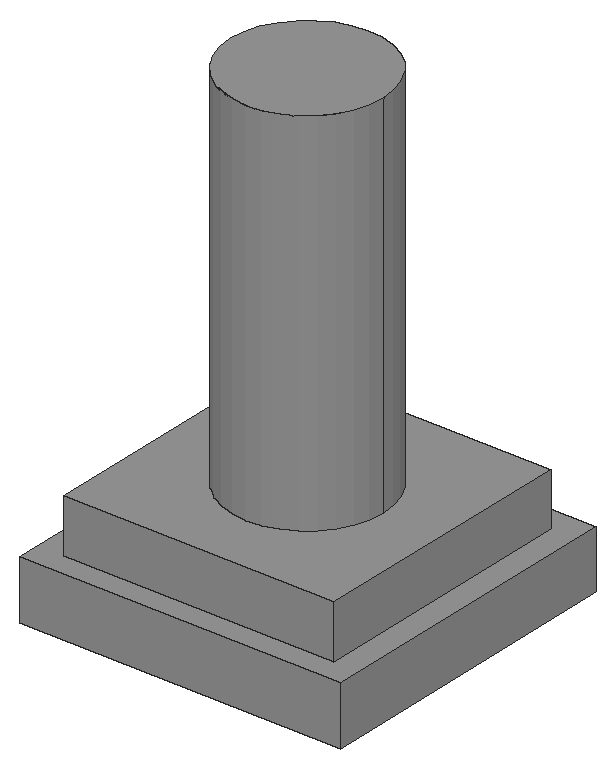
Revit family "VASARI 6 Square Fix Trim 02", category Lighting Fixtures, host Ceiling, Revit 2017
Family settings
  Host = Ceiling
  Round Connector Dimension = Use Diameter
  Part Type = Normal
  OmniClass Number = 23.80.70.11
  OmniClass Title = Luminaries for Internal Lighting
  Always vertical = Yes
  Cut with Voids When Loaded = No
  Light Source = Yes
  Shared = No
  Room Calculation Point = No
Parameters (values of type "500P")
  Wattage = 9.2903 W
  built-in parameter 1150110 = 1 (stored number, unit not read)
  built-in parameter 1114217 = 1 (stored number, unit not read)
  Tilt Angle = 90.00°
  built-in parameter 1150109 = 1 (stored number, unit not read)
  built-in parameter 1150134 = (empty or 0)
  built-in parameter 1150113 = 1 (stored number, unit not read)
  Photometric Web File = "ELR500P 30D.IES"
  Lumens = 1380 lm
  built-in parameter 1150115 = 1 (stored number, unit not read)
  built-in parameter 1150105 = 109.82 (stored number, unit not read)
  built-in parameter 1150137 = (empty or 0)
  built-in parameter 1150139 = (empty or 0)
  built-in parameter 1150112 = 1 (stored number, unit not read)
  built-in parameter 1150114 = 1 (stored number, unit not read)
  built-in parameter 1150132 = 2
  built-in parameter 1150102 = (empty or 0)
  built-in parameter 1150138 = (empty or 0)
  built-in parameter 1150107 = 3000 (stored number, unit not read)
  built-in parameter 1150106 = 1.0982 (stored number, unit not read)
  built-in parameter 1150104 = 13.8 (stored number, unit not read)
  Dimming Lamp Color Temperature Shift = <None>
  Color Filter = 16777215
  built-in parameter 1114218 = 1 (stored number, unit not read)
  built-in parameter 1150133 = 10 (stored number, unit not read)
Types (2, lengths in mm): name | Photometric Web File
  Type 1 | "ELR50P 35D.IES"
  500P | "ELR500P 30D.IES"
Reference planes
  plane 1 "Light Source Axis (F/B)": y = 0
  plane 2: z = 0
  plane 3 "Light Source Axis (L/R)": x = 0
  plane 4 "Ceiling": z = 4000
  plane 5 "Light Source Elevation": z = 3998.297
  plane 6 "Top": y = 73
  plane 7 "Right": x = 72.804
  plane 8: y = -72.125
  plane 9 "Left": x = -72.96
  plane 10: z = 4218.297
Forms (mm)
  Extrusion 1, solid, material "ELR Plastic, Opaque White"
    sketch origin (194.38, -0.73, 4000) x (0, 1, 0) y (-1, 0, 0)
      loop
        line (73.73, 267.34) -> (-71.395, 267.34) -> (-71.395, 121.576) -> (73.73, 121.576) -> (73.73, 267.34)
      loop
        line (62.23, 255.88) -> (-60.77, 255.88) -> (-60.77, 132.88) -> (62.23, 132.88) -> (62.23, 255.88)
    from -1.703 to 25
  Extrusion 2, solid, material "ELR Plastic, Opaque White"
    sketch origin (-0.386, -0.73, 4000) x (0, 1, 0) y (-1, 0, 0)
      loop
        line (62.23, 61.114) -> (-60.77, 61.114) -> (-60.77, -61.886) -> (62.23, -61.886) -> (62.23, 61.114)
    from 25 to 49.183
  Extrusion 3, solid, material "ELR Plastic, Opaque White"
    sketch origin (0.341, -0.73, 4000) x (0, 1, 0) y (-1, 0, 0)
      loop
        circle (0.73, 0.341) r 34.73
    from 49.183 to 218.297
  Extrusion 4, solid, material "ELR Light Emissive"
    sketch origin (0, 0, 4000) x (0, 1, 0) y (-1, 0, 0)
      loop
        line (61.5, 61.5) -> (-61.5, 61.5) -> (-61.5, -61.5) -> (61.5, -61.5) -> (61.5, 61.5)
    from 1 to 2
Lines and regions (mm)
  Opening 1
    outline origin (0, 0, 4000) x (1, 0, 0) y (0, 1, 0)
      loop
        line (-72.258, 72.589) -> (-72.258, -71.927) -> (72.258, -71.927) -> (72.258, 72.589) -> (-72.258, 72.589)
  Opening 2
    outline origin (0, 0, 4000) x (1, 0, 0) y (0, 1, 0)
      loop
        line (-60.741, 60.741) -> (-60.741, -60.741) -> (60.741, -60.741) -> (60.741, 60.741) -> (-60.741, 60.741)
Dimensions and locks
  equal spacing: host sketch curve, plane 3 "Light Source Axis (L/R)", host sketch curve
  equal spacing: host sketch curve, plane 1 "Light Source Axis (F/B)", host sketch curve
  host sketch curve to host sketch curve = 4000 mm  (x2)
  plane 4 "Ceiling" to host ceiling = 0 mm
  plane 9 "Left" to plane 7 "Right" = 145.764 mm  (x2)
  plane 6 "Top" to plane 8 = 145.125 mm
  imposter light to plane 10 = 220 mm
  aligned and locked: plane 3 "Light Source Axis (L/R)" to imposter light
  aligned and locked: plane 1 "Light Source Axis (F/B)" to imposter light
  aligned and locked: plane 5 "Light Source Elevation" to imposter light
  aligned and locked: plane 10 to Extrusion 3
